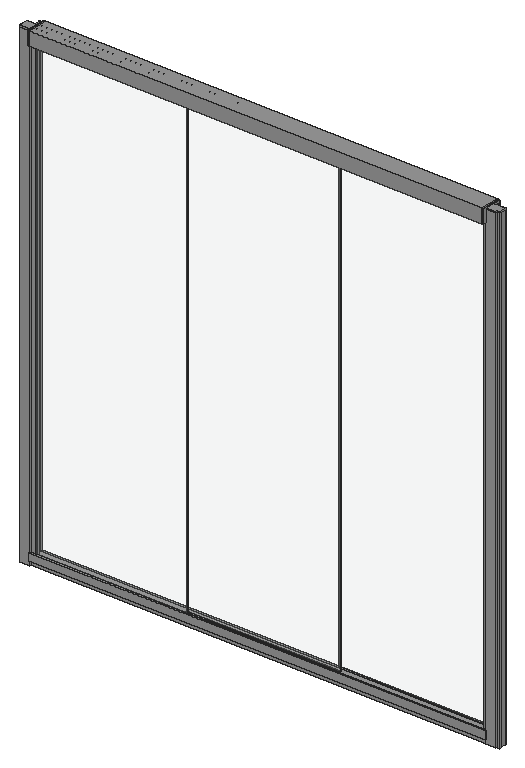
Revit family "Sanitary_Shower-screens_Duscholux_Plus Evolution_3-Slider-doors-bath", category Plumbing Fixtures, Revit 2016
Family settings
  Part Type = Normal
  Round Connector Dimension = Use Diameter
  OmniClass Number = 23.45.00.00
  OmniClass Title = Sanitary, Laundry, and Cleaning Equipment
  Work Plane-Based = No
  Always vertical = Yes
  Cut with Voids When Loaded = No
  Shared = No
  Room Calculation Point = No
Parameters (values of type "Platinum Aluminium Finish")
  Width = 1600 mm
  Uniclass 2015 Description = "Shower Enclosures"
  Uniclass 2015 Code = "PR-40-20-06-79"
  URL = "http://www.duscholux.es/"
  UNSPSC Code = "30181507"
  Thickness Safety Glass Sliding = 5 mm  # constant formula
  Thickness Safety Glass Fixed Panel = 5 mm  # constant formula
  Technical Inspection Certificate (Applus) = "http://www.duscholux.es/resources/custom/var/APPLUS_en.pdf"
  Sliding Door Width = ((Min Max Width - 55.3 mm - 42.5 mm) / 3) + 14 mm  # 514.733 mm
  Series = "Plus Evolution"
  Region South America = "Consult"
  Region Oceania = "Consult"
  Region North America = "Consult"
  Region Middle East = "Consult"
  Region Europe = "AD, ES, FR, PT"
  Region Asia = "Consult"
  Region Antartica = "Consult"
  Region Africa = "Consult"
  Ref. = "7BI / 7BD"
  Products = "http://www.duscholux.es/mamparas_filtro.aspx?es"
  Product group = "Front for shower"
  Product family = "Plus Evolution"
  Optional = "Towel rail / Shelf"
  Opening System Image = "http://blob.duscholux.es/pluma512/FBIzq3pcorredera.gif"
  Opening System = "Sliding"
  Opening Percentage = 0
  Opening Door 2 = (((Min Max Width - 97.8 mm) / 3) - 37 mm) * Opening Percentage / 100  # 0 mm
  Opening Door 1 = ((((Min Max Width - 97.8 mm) / 3) * 2) - 74 mm) * Opening Percentage / 100  # 0 mm
  Net Weight (Kg) = 60
  NBS Reference Description = "Shower Enclosures"
  NBS Reference Code = "45-35-70"
  Model = ""
  Min Max Width = if(Width < 900 mm, 900 mm, if(Width > 2000 mm, 2000 mm, Width))  # 1600 mm
  Max Height = if(Height > 1600 mm, 1600 mm, Height)  # 1600 mm
  Manufacturer name = "Duscholux Ibérica, S.A."
  Manufacturer country = "Spain"
  Maintenance and Cleaning = "http://www.duscholux.es/mamparas_limpieza.aspx?en"
  Image = "https://www.duscholux.es/resources/custom/img/mamparas/PLUS%20EVOLUTION/modelos/0F3PFBC/mampara_h.jpg"
  IFC Classification = "Furnishing Element"
  Height = 1600 mm
  Handle Material = Silver Matt Aluminium Finish
  Glass in Building UNE EN 12150 = "CE Conformity marking"
  Glass Material = Glass_Material-Duscholux
  Frame Material = Platinum Aluminium Finish
  Fact Sheet = "http://blob.duscholux.es/enpdf2018/PlusEvo3PFB.pdf"
  Manufacturer = "Duscholux Ibérica, S.A."
  Environmental Management ISO 14001 = "ECOEMBES Certificate"
  Edition number = "1"
  Design country = "Spain / Germany"
  Description = "Front 1 fixed + 2 sliding doors shower"
  Date of publishing = ""
  Bath Height = 486.541 mm
  Assembly Code = "C1030200"
  Configuration enclosure = "http://configuratumampara.duscholux.es/eCatalogo.aspx"
  Components = "Eropean components"
  Type Comments = ""
  Combinations = "Lateral 90°"
  Certified Quality UNE EN 14428 = "http://www.duscholux.es/duscholux_downloads.aspx?es"
  COBIe Type Category = ""
  Brand = "Duscholux"
  Anti-Lime Treatment = "FeelNet 3D Included"
  Accesories Material = Plastic, Gray
Types (4, lengths in mm): name | Width | Sliding Door Width | Ref. | Product group | Min Max Width | Max Height | Height | Handle Material | Frame Material | Description | Bath Height | Accesories Material
  (no name) | 1600 | 514.733 | "7BI / 7BD" | "Front for shower" | 1600 | 1600 | 1600 | Silver Matt Aluminium Finish | Platinum Aluminium Finish | "Front 1 fixed + 2 sliding doors shower" | 486.541 | Plastic, Gray
  Platinum Aluminium Finish | 1600 | 514.733 | "7BI / 7BD" | "Front for shower" | 1600 | 1600 | 1600 | Silver Matt Aluminium Finish | Platinum Aluminium Finish | "Front 1 fixed + 2 sliding doors shower" | 486.541 | Plastic, Gray
  White Aluminium Finish | 1500 | 481.4 | "7BI / 7BD" | "Front for shower" | 1500 | 1600 | 1900 | White Finish | White Aluminium Finish | "Front 1 fixed + 2 sliding doors shower" | 486.541 | White Finish
  Silver Matt Aluminium Finish | 1600 | 514.733 | "7WI / 7WD" | "Front for bath" | 1600 | 1500 | 1500 | Silver Matt Aluminium Finish | Silver Matt Aluminium Finish | "Front 1 fixed + 2 sliding doors bath" | 500 | Plastic, Gray
Reference planes
  plane 1 "Centro (Frontal/Posterior)": y = 0
  plane 2: z = 0
  plane 3 "Centro (Izquierda/Derecha)": x = 0
  plane 4: z = 2046.391
  plane 5: z = 2091.541
  plane 6: x = 1600
  plane 7: z = 2086.541
  plane 8: x = 0
  plane 9: z = 2041.391
  plane 10: z = 25
  plane 11: y = 10.736
  plane 12: x = 34.548
  plane 13: x = 39.548
  plane 14: x = 1557.402
  plane 15: x = 1552.402
  plane 16: x = 1544.715
  plane 17: x = 42.549
  plane 18: x = 1043.993
  plane 19: x = 543.271
  plane 20: x = 557.301
  plane 21: x = 1029.963
  plane 22: x = 536.251
  plane 23: x = 1051.013
  plane 24: z = 486.541
  plane 25: z = 511.541
  plane 26: y = -15.267
Forms (mm)
  Extrusion 1, solid, material "Platinum Aluminium Finish" <- "Frame Material"
    sketch origin (0, -4.455, 0) x (1, 0, 0) y (0, 1, 0)
      loop
        line (0, 16.055) -> (0, 14.555) -> (1.997, 14.555) -> (1.997, -5.645) -> (0, -5.645) -> (0, -7.145) -> (31.748, -7.145) -> (31.748, -5.645) -> (3.498, -5.645) -> (3.498, 14.555) -> (31.748, 14.555) -> (31.748, 16.055) -> (0, 16.055)
    from 486.541 to 2086.541
  Extrusion 2, solid, material "Glass_Material-Duscholux" <- "Glass Material"
    sketch origin (0, -8.762, 0) x (1, 0, 0) y (0, 1, 0)
      loop
        line (42.549, 2.683) -> (42.549, -2.317) -> (557.301, -2.317) -> (557.301, 2.683) -> (42.549, 2.683)
    from 511.541 to 2041.391
  Extrusion 3, solid, material "Platinum Aluminium Finish" <- "Frame Material"
    sketch origin (0, -8.746, 0) x (1, 0, 0) y (0, 1, 0)
      loop
        line (3.498, 21.846) -> (3.498, 20.496) -> (32.498, 20.496) -> (32.498, -3.004) -> (1.698, -3.004) -> (1.698, -9.525) -> (34.548, -9.525) -> (34.548, 21.846) -> (31.348, 21.846) -> (31.348, 37.996) -> (33.14, 37.996) -> (33.551, 36.259) -> (34.548, 36.259) -> (34.548, 39.496) -> (27.298, 39.496) -> (27.298, 38.196) -> (29.998, 38.196) -> (29.998, 21.846) -> (3.498, 21.846)
    from 486.541 to 2086.541
  Extrusion 4, solid, material "Platinum Aluminium Finish" <- "Frame Material"
    sketch origin (1600, -4.455, 0) x (-1, 0, 0) y (0, -1, 0)
      loop
        line (0, -16.055) -> (31.748, -16.055) -> (31.748, -14.555) -> (3.498, -14.555) -> (3.498, 5.645) -> (31.748, 5.645) -> (31.748, 7.145) -> (0, 7.145) -> (0, 5.645) -> (1.997, 5.645) -> (1.997, -14.555) -> (0, -14.555) -> (0, -16.055)
    from 486.541 to 2086.541
  Extrusion 5, solid, material "Glass_Material-Duscholux" <- "Glass Material"
    sketch origin (-927.433, 0, 0) x (1, 0, 0) y (0, 1, 0)
      loop
        line (2472.148, 27.734) -> (2472.148, 32.734) -> (1957.415, 32.734) -> (1957.415, 27.734) -> (2472.148, 27.734)
    from 511.541 to 2041.391
  Extrusion 6, solid, material "Glass_Material-Duscholux" <- "Glass Material"
    sketch origin (-430.369, 0, 0) x (1, 0, 0) y (0, 1, 0)
      loop
        line (966.649, 13.236) -> (966.649, 8.236) -> (1481.382, 8.236) -> (1481.382, 13.236) -> (966.649, 13.236)
    from 511.541 to 2041.391
  Extrusion 7, solid, material "Platinum Aluminium Finish" <- "Frame Material"
    sketch origin (0, 0, 0) x (1, 0, 0) y (0, 1, 0)
      loop
        line (1588.452, 13.1) -> (1561.952, 13.1) -> (1561.952, 29.45) -> (1564.652, 29.45) -> (1564.652, 30.75) -> (1557.402, 30.75) -> (1557.402, -18.282) -> (1590.252, -18.282) -> (1590.252, -11.75) -> (1568.252, -11.75) -> (1568.252, 11.75) -> (1588.452, 11.75) -> (1588.452, 13.1)
    from 486.541 to 2086.541
  Extrusion 8, solid, material "Plastic, Gray" <- "Accesories Material"
    sketch origin (0, 0, 0) x (1, 0, 0) y (0, 1, 0)
      loop
        line (1557.402, 30.75) -> (1553.89, 17.345) -> (1549.02, 12.475) -> (1548.067, 10.174) -> (1557.402, -5.535) -> (1557.402, 30.75)
    from 511.541 to 2046.391
  Extrusion 9, solid, material "Platinum Aluminium Finish" <- "Frame Material"
    sketch origin (0, 0, 0) x (1, 0, 0) y (0, 1, 0)
      loop
        line (34.548, -2.268) -> (34.548, -15.257) -> (52.049, -14.012) -> (52.049, -12.618) -> (42.549, -12.618) -> (42.549, -4.907) -> (52.049, -4.907) -> (52.049, -3.512) -> (34.548, -2.268)
    from 511.541 to 2046.391
  Extrusion 10, solid, material "Platinum Aluminium Finish" <- "Frame Material"
    sketch origin (0, 101.418, 0) x (0, 1, 0) y (0, 0, 1)
      loop
        line (-128.489, 2091.541) -> (-128.489, 2046.391) -> (-126.946, 2046.391) -> (-126.946, 2090.04) -> (-107.496, 2090.04) -> (-107.496, 2058.743) -> (-105.496, 2058.743) -> (-105.496, 2090.04) -> (-96.383, 2090.04) -> (-87.27, 2090.04) -> (-87.27, 2058.743) -> (-85.27, 2058.743) -> (-85.27, 2090.04) -> (-65.821, 2090.04) -> (-65.821, 2046.391) -> (-64.278, 2046.391) -> (-64.278, 2091.541) -> (-128.489, 2091.541)
    from 39.694 to 1552.402
  Extrusion 11, solid, material "Plastic, Gray" <- "Accesories Material"
    sketch origin (0, 101.418, 0) x (0, 1, 0) y (0, 0, 1)
      loop
        line (-128.489, 2091.541) -> (-128.489, 2046.391) -> (-64.278, 2046.391) -> (-64.278, 2091.541) -> (-128.489, 2091.541)
    from 34.548 to 39.548
  Extrusion 12, solid, material "Plastic, Gray" <- "Accesories Material"
    sketch origin (0, 0, 0) x (1, 0, 0) y (0, 1, 0)
      loop
        line (34.548, 30.75) -> (27.298, 30.75) -> (27.298, 29.45) -> (29.998, 29.45) -> (29.998, 13.1) -> (3.498, 13.1) -> (3.498, 11.6) -> (0, 11.6) -> (0, -11.6) -> (1.698, -11.6) -> (1.698, -18.271) -> (34.548, -18.271) -> (34.548, 30.75)
    from 2086.541 to 2091.541
  Extrusion 13, solid, material "Plastic, Gray" <- "Accesories Material"
    sketch origin (0, 0, 0) x (1, 0, 0) y (0, 1, 0)
      loop
        line (1557.402, 30.75) -> (1557.402, -18.282) -> (1590.252, -18.282) -> (1590.252, -11.6) -> (1600, -11.6) -> (1600, 11.6) -> (1588.452, 11.6) -> (1588.452, 13.1) -> (1561.952, 13.1) -> (1561.952, 29.45) -> (1564.652, 29.45) -> (1564.652, 30.75) -> (1557.402, 30.75)
    from 2086.541 to 2091.541
  Extrusion 14, solid, material "Plastic, Gray" <- "Accesories Material"
    sketch origin (0, 101.418, 0) x (0, 1, 0) y (0, 0, 1)
      loop
        line (-128.489, 2091.541) -> (-128.489, 2046.391) -> (-64.278, 2046.391) -> (-64.278, 2091.541) -> (-128.489, 2091.541)
    from 1552.402 to 1557.402
  Extrusion 15, solid, material "Platinum Aluminium Finish" <- "Frame Material"
    sketch origin (0, 120, 0) x (0, 1, 0) y (0, 0, 1)
      loop
        line (-115.267, 511.541) -> (-135.267, 511.541) -> (-135.267, 526.541) -> (-140.267, 526.541) -> (-140.267, 501.541) -> (-135.267, 501.541) -> (-135.267, 486.541) -> (-115.267, 486.541) -> (-115.267, 511.541)
    from 34.548 to 1557.402
  Extrusion 16, solid, material "Platinum Aluminium Finish" <- "Frame Material"
    sketch origin (0, 120, 0) x (0, 1, 0) y (0, 0, 1)
      loop
        line (-95.916, 511.541) -> (-100.916, 501.541) -> (-100.916, 486.541) -> (-85.916, 486.541) -> (-85.916, 511.541) -> (-95.916, 511.541)
    from 34.548 to 1544.715
  Extrusion 17, solid, material "Platinum Aluminium Finish" <- "Frame Material"
    sketch origin (-86.08, 0, 0) x (1, 0, 0) y (0, 1, 0)
      loop
        line (1622.145, 35.484) -> (1622.145, 52.034) -> (1620.795, 52.034) -> (1620.795, 34.084) -> (1630.795, 34.084) -> (1630.795, 26.384) -> (1620.795, 26.384) -> (1620.795, 23.668) -> (1614.295, 17.168) -> (1614.295, 8.534) -> (1615.545, 8.534) -> (1615.545, 16.509) -> (1621.742, 22.706) -> (1631.853, 12.594) -> (1633.249, 13.989) -> (1634.932, 12.306) -> (1639.74, 17.115) -> (1638.057, 18.798) -> (1639.915, 20.655) -> (1637.795, 22.774) -> (1637.795, 35.484) -> (1622.145, 35.484)
    from 511.541 to 2046.391
Dimensions and locks
  "Min Max Width": plane 3 "Centro (Izquierda/Derecha)" to plane 6
  locked: plane 5 to plane 4 at 45.15
  locked: plane 5 to plane 7 at 5
  locked: plane 5 to plane 9 at 50.15
  locked: plane 2 to plane 10 at 25
  locked: plane 8 to plane 12 at 34.548
  locked: plane 12 to plane 13 at 5
  locked: plane 14 to plane 6 at 42.598
  locked: plane 15 to plane 14 at 5
  locked: plane 8 to plane 17 at 42.549
  locked: plane 16 to plane 6 at 55.285
  equal spacing: plane 17, plane 19, plane 18, plane 16
  "Sliding Door Width": Extrusion 6 to Extrusion 6
  "Sliding Door Width": Extrusion 5 to Extrusion 5
  locked: plane 19 to plane 20 at 14.03
  locked: plane 22 to plane 19 at 7.02
  locked: plane 21 to plane 18 at 14.03
  locked: plane 18 to plane 23 at 7.02
  "Opening Door 2": Extrusion 6 to plane 23
  "Thickness Safety Glass Fixed Panel": Extrusion 2 to Extrusion 10
  "Thickness Safety Glass Sliding": Extrusion 6 to Extrusion 6
  "Thickness Safety Glass Sliding": Extrusion 5 to Extrusion 5
  "Bath Height": plane 24 to plane 2
  locked: plane 25 to plane 24 at 25
  "Max Height": plane 7 to plane 24
  "Opening Door 1": Extrusion 17 to plane 16
  aligned and locked: level to plane 2
  aligned and locked: plane 7 to Extrusion 1
  aligned and locked: Extrusion 3 to Extrusion 1
  aligned and locked: plane 9 to Extrusion 2
  aligned and locked: Extrusion 5 to Extrusion 2
  aligned and locked: Extrusion 6 to Extrusion 5
  aligned and locked: plane 7 to Extrusion 7
  aligned and locked: plane 4 to Extrusion 9
  aligned and locked: Extrusion 11 to plane 12
  aligned and locked: plane 13 to Extrusion 11
  aligned and locked: Extrusion 12 to plane 7
  aligned and locked: plane 5 to Extrusion 12
  aligned and locked: Extrusion 13 to plane 7
  aligned and locked: plane 5 to Extrusion 13
  aligned and locked: Extrusion 14 to plane 15
  aligned and locked: plane 14 to Extrusion 14
  aligned and locked: plane 15 to Extrusion 10
  aligned and locked: plane 7 to Extrusion 4
  aligned and locked: plane 4 to Extrusion 8
  aligned and locked: plane 20 to Extrusion 2
  aligned and locked: Extrusion 2 to plane 17
  aligned and locked: Extrusion 13 to plane 14
  aligned and locked: Extrusion 7 to plane 14
  aligned and locked: Extrusion 3 to plane 24
  aligned and locked: Extrusion 1 to plane 24
  aligned and locked: Extrusion 7 to plane 24
  aligned and locked: Extrusion 4 to plane 24
  aligned and locked: Extrusion 6 to plane 25
  aligned and locked: Extrusion 5 to plane 25
  aligned and locked: Extrusion 2 to plane 25
  aligned and locked: Extrusion 9 to plane 25
  aligned and locked: Extrusion 15 to plane 12
  aligned and locked: Extrusion 16 to plane 12
  aligned and locked: Extrusion 8 to plane 25
  aligned and locked: plane 14 to Extrusion 15
  aligned and locked: plane 16 to Extrusion 16
  aligned and locked: plane 4 to Extrusion 17
  aligned and locked: Extrusion 17 to plane 25
  aligned and locked: Extrusion 5 to Extrusion 17
Automatic sketch dimensions
  Extrusion 1 sketch curve to plane 3 "Centro (Izquierda/Derecha)" = 0 mm  (x2)
  plane 3 "Centro (Izquierda/Derecha)" to Extrusion 1 sketch curve = 1.997 mm
  Extrusion 1 sketch curve to Extrusion 1 sketch curve = 1.502 mm
  Extrusion 1 sketch curve to plane 11 = 0.864 mm
  Extrusion 1 sketch curve to plane 12 = 2.8 mm  (x2)
  plane 11 to Extrusion 1 sketch curve = 0.636 mm  (x2)
  plane 1 "Centro (Frontal/Posterior)" to Extrusion 1 sketch curve = 10.1 mm
  Extrusion 1 sketch curve to Extrusion 1 sketch curve = 0 mm
  Extrusion 1 sketch curve to Extrusion 1 sketch curve = 1.5 mm
  Extrusion 2 sketch curve to plane 17 = 0 mm
  Extrusion 2 sketch curve to plane 20 = 0 mm
  plane 1 "Centro (Frontal/Posterior)" to Extrusion 2 sketch curve = 11.079 mm
  Extrusion 2 sketch curve to Extrusion 2 sketch curve = 5 mm
  Extrusion 3 sketch curve to plane 12 = 0 mm  (x2)
  Extrusion 3 sketch curve to Extrusion 3 sketch curve = 0.997 mm
  Extrusion 3 sketch curve to plane 12 = 1.408 mm
  Extrusion 3 sketch curve to plane 12 = 2.05 mm
  Extrusion 3 sketch curve to Extrusion 3 sketch curve = 1.792 mm
  Extrusion 3 sketch curve to Extrusion 3 sketch curve = 1.35 mm
  Extrusion 3 sketch curve to Extrusion 3 sketch curve = 2.7 mm
  plane 3 "Centro (Izquierda/Derecha)" to Extrusion 3 sketch curve = 3.498 mm
  plane 3 "Centro (Izquierda/Derecha)" to Extrusion 3 sketch curve = 1.698 mm
  plane 1 "Centro (Frontal/Posterior)" to Extrusion 3 sketch curve = 18.271 mm
  Extrusion 3 sketch curve to Extrusion 3 sketch curve = 6.521 mm
  Extrusion 3 sketch curve to plane 11 = 1.014 mm
  Extrusion 3 sketch curve to plane 11 = 2.364 mm
  Extrusion 3 sketch curve to Extrusion 3 sketch curve = 0 mm
  Extrusion 3 sketch curve to Extrusion 3 sketch curve = 14.413 mm
  Extrusion 3 sketch curve to Extrusion 3 sketch curve = 1.737 mm
  Extrusion 3 sketch curve to Extrusion 3 sketch curve = 0.2 mm
  Extrusion 3 sketch curve to Extrusion 3 sketch curve = 1.5 mm
  Extrusion 4 sketch curve to plane 6 = 0 mm  (x2)
  plane 6 to Extrusion 4 sketch curve = 1.997 mm
  Extrusion 4 sketch curve to Extrusion 4 sketch curve = 1.502 mm
  plane 11 to Extrusion 4 sketch curve = 0.864 mm
  Extrusion 4 sketch curve to plane 14 = 10.85 mm  (x2)
  Extrusion 4 sketch curve to plane 11 = 0.636 mm  (x2)
  Extrusion 4 sketch curve to plane 1 "Centro (Frontal/Posterior)" = 10.1 mm
  Extrusion 4 sketch curve to Extrusion 4 sketch curve = 0 mm
  Extrusion 4 sketch curve to Extrusion 4 sketch curve = 1.5 mm
  Extrusion 5 sketch curve to plane 16 = 0 mm
  plane 21 to Extrusion 5 sketch curve = 0.019 mm
  Extrusion 5 sketch curve to plane 11 = 16.998 mm
  Extrusion 5 sketch curve to Extrusion 5 sketch curve = 5 mm
  Extrusion 6 sketch curve to plane 23 = 0 mm
  plane 22 to Extrusion 6 sketch curve = 0.029 mm
  plane 11 to Extrusion 6 sketch curve = 2.5 mm
  Extrusion 6 sketch curve to plane 11 = 2.5 mm
  Extrusion 7 sketch curve to plane 14 = 0 mm
  plane 14 to Extrusion 7 sketch curve = 4.55 mm
  Extrusion 7 sketch curve to Extrusion 7 sketch curve = 2.7 mm
  Extrusion 7 sketch curve to plane 11 = 1.014 mm
  Extrusion 7 sketch curve to Extrusion 7 sketch curve = 6.3 mm
  Extrusion 7 sketch curve to plane 11 = 2.364 mm
  Extrusion 7 sketch curve to plane 6 = 11.548 mm
  Extrusion 7 sketch curve to plane 6 = 9.748 mm
  plane 1 "Centro (Frontal/Posterior)" to Extrusion 7 sketch curve = 11.75 mm
  Extrusion 7 sketch curve to Extrusion 7 sketch curve = 6.532 mm
  Extrusion 7 sketch curve to Extrusion 7 sketch curve = 16.35 mm
  Extrusion 7 sketch curve to Extrusion 7 sketch curve = 1.3 mm
  Extrusion 8 sketch curve to plane 14 = 0 mm
  plane 15 to Extrusion 8 sketch curve = 1.488 mm
  Extrusion 8 sketch curve to plane 15 = 3.381 mm
  plane 11 to Extrusion 8 sketch curve = 0.561 mm
  Extrusion 8 sketch curve to Extrusion 8 sketch curve = 0.953 mm
  plane 1 "Centro (Frontal/Posterior)" to Extrusion 8 sketch curve = 5.535 mm
  Extrusion 8 sketch curve to plane 11 = 1.739 mm
  Extrusion 8 sketch curve to plane 11 = 6.609 mm
  Extrusion 8 sketch curve to Extrusion 8 sketch curve = 13.405 mm
  Extrusion 9 sketch curve to plane 12 = 0 mm
  Extrusion 9 sketch curve to plane 17 = 0 mm
  plane 17 to Extrusion 9 sketch curve = 9.5 mm
  Extrusion 9 sketch curve to Extrusion 9 sketch curve = 0 mm
  plane 1 "Centro (Frontal/Posterior)" to Extrusion 9 sketch curve = 15.257 mm
  plane 1 "Centro (Frontal/Posterior)" to Extrusion 9 sketch curve = 14.012 mm
  Extrusion 9 sketch curve to Extrusion 9 sketch curve = 1.395 mm  (x2)
  plane 1 "Centro (Frontal/Posterior)" to Extrusion 9 sketch curve = 4.907 mm
  plane 1 "Centro (Frontal/Posterior)" to Extrusion 9 sketch curve = 2.268 mm
  Extrusion 10 sketch curve to plane 5 = 0 mm
  Extrusion 10 sketch curve to plane 4 = 0 mm  (x2)
  plane 1 "Centro (Frontal/Posterior)" to Extrusion 10 sketch curve = 27.071 mm
  Extrusion 10 sketch curve to Extrusion 10 sketch curve = 1.542 mm  (x2)
  plane 1 "Centro (Frontal/Posterior)" to Extrusion 10 sketch curve = 6.079 mm
  Extrusion 10 sketch curve to Extrusion 10 sketch curve = 2 mm  (x2)
  Extrusion 10 sketch curve to plane 5 = 1.501 mm  (x3)
  Extrusion 10 sketch curve to plane 1 "Centro (Frontal/Posterior)" = 5.034 mm
  Extrusion 10 sketch curve to plane 11 = 3.411 mm
  Extrusion 10 sketch curve to Extrusion 10 sketch curve = 19.45 mm
  plane 4 to Extrusion 10 sketch curve = 12.352 mm  (x2)
  Extrusion 11 sketch curve to plane 4 = 0 mm
  Extrusion 11 sketch curve to plane 5 = 0 mm
  plane 1 "Centro (Frontal/Posterior)" to Extrusion 11 sketch curve = 27.071 mm
  Extrusion 11 sketch curve to plane 11 = 26.404 mm
  Extrusion 12 sketch curve to plane 3 "Centro (Izquierda/Derecha)" = 0 mm
  Extrusion 12 sketch curve to plane 12 = 0 mm
  plane 3 "Centro (Izquierda/Derecha)" to Extrusion 12 sketch curve = 1.698 mm
  Extrusion 12 sketch curve to plane 11 = 0.864 mm
  plane 3 "Centro (Izquierda/Derecha)" to Extrusion 12 sketch curve = 3.498 mm
  Extrusion 12 sketch curve to plane 12 = 7.25 mm
  Extrusion 12 sketch curve to plane 12 = 4.55 mm
  plane 1 "Centro (Frontal/Posterior)" to Extrusion 12 sketch curve = 11.6 mm
  plane 1 "Centro (Frontal/Posterior)" to Extrusion 12 sketch curve = 18.271 mm
  Extrusion 12 sketch curve to Extrusion 12 sketch curve = 1.5 mm
  Extrusion 12 sketch curve to Extrusion 12 sketch curve = 16.35 mm
  Extrusion 12 sketch curve to Extrusion 12 sketch curve = 1.3 mm
  Extrusion 13 sketch curve to plane 14 = 0 mm
  Extrusion 13 sketch curve to plane 6 = 0 mm
  plane 14 to Extrusion 13 sketch curve = 4.55 mm
  Extrusion 13 sketch curve to Extrusion 13 sketch curve = 2.7 mm
  Extrusion 13 sketch curve to plane 11 = 0.864 mm
  Extrusion 13 sketch curve to plane 6 = 11.548 mm
  Extrusion 13 sketch curve to plane 6 = 9.748 mm
  plane 1 "Centro (Frontal/Posterior)" to Extrusion 13 sketch curve = 11.6 mm
  plane 1 "Centro (Frontal/Posterior)" to Extrusion 13 sketch curve = 18.282 mm
  Extrusion 13 sketch curve to Extrusion 13 sketch curve = 1.5 mm
  Extrusion 13 sketch curve to Extrusion 13 sketch curve = 16.35 mm
  Extrusion 13 sketch curve to Extrusion 13 sketch curve = 1.3 mm
  Extrusion 14 sketch curve to plane 4 = 0 mm
  Extrusion 14 sketch curve to plane 5 = 0 mm
  plane 1 "Centro (Frontal/Posterior)" to Extrusion 14 sketch curve = 27.071 mm
  Extrusion 14 sketch curve to plane 11 = 26.404 mm
  Extrusion 15 sketch curve to plane 25 = 0 mm
  Extrusion 15 sketch curve to plane 24 = 0 mm
  Extrusion 15 sketch curve to plane 1 "Centro (Frontal/Posterior)" = 4.733 mm
  Extrusion 15 sketch curve to Extrusion 15 sketch curve = 20 mm
  Extrusion 15 sketch curve to Extrusion 15 sketch curve = 10 mm
  Extrusion 15 sketch curve to Extrusion 15 sketch curve = 5 mm  (x2)
  plane 25 to Extrusion 15 sketch curve = 15 mm
  Extrusion 16 sketch curve to plane 25 = 0 mm
  Extrusion 16 sketch curve to plane 25 = 10 mm
  Extrusion 16 sketch curve to Extrusion 16 sketch curve = 5 mm
  Extrusion 16 sketch curve to Extrusion 16 sketch curve = 10 mm
  Extrusion 16 sketch curve to plane 24 = 0 mm
  Extrusion 16 sketch curve to plane 1 "Centro (Frontal/Posterior)" = 19.084 mm
  Extrusion 17 sketch curve to Extrusion 17 sketch curve = 0.947 mm
  Extrusion 17 sketch curve to Extrusion 17 sketch curve = 1.35 mm
  Extrusion 17 sketch curve to Extrusion 17 sketch curve = 1.25 mm
  Extrusion 17 sketch curve to Extrusion 17 sketch curve = 1.395 mm
  Extrusion 17 sketch curve to Extrusion 17 sketch curve = 1.683 mm  (x2)
  Extrusion 17 sketch curve to Extrusion 17 sketch curve = 0.287 mm
  Extrusion 17 sketch curve to Extrusion 17 sketch curve = 0.659 mm
  Extrusion 17 sketch curve to Extrusion 17 sketch curve = 0.963 mm
  Extrusion 17 sketch curve to Extrusion 17 sketch curve = 2.715 mm
  Extrusion 17 sketch curve to Extrusion 17 sketch curve = 7.701 mm
  Extrusion 17 sketch curve to Extrusion 17 sketch curve = 1.4 mm
  Extrusion 17 sketch curve to Extrusion 17 sketch curve = 16.55 mm
  Extrusion 17 sketch curve to Extrusion 17 sketch curve = 6.5 mm
  Extrusion 17 sketch curve to Extrusion 17 sketch curve = 5.25 mm
  Extrusion 17 sketch curve to Extrusion 17 sketch curve = 9.053 mm
  Extrusion 17 sketch curve to Extrusion 17 sketch curve = 1.058 mm
  Extrusion 17 sketch curve to Extrusion 17 sketch curve = 7 mm
  Extrusion 17 sketch curve to Extrusion 17 sketch curve = 0.262 mm
  Extrusion 17 sketch curve to Extrusion 17 sketch curve = 1.857 mm
  Extrusion 17 sketch curve to Extrusion 17 sketch curve = 3.773 mm
  Extrusion 17 sketch curve to plane 11 = 6.432 mm
  Extrusion 17 sketch curve to plane 16 = 16.5 mm
